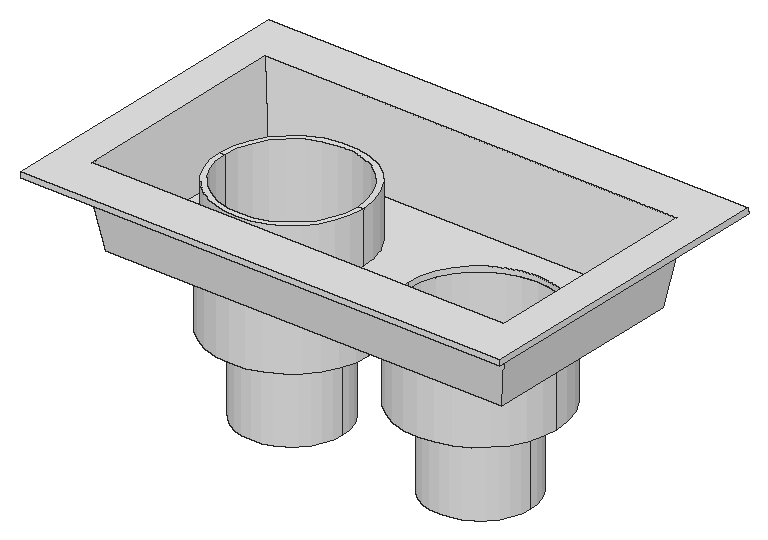
Revit family "Viking Roofspec Sump 07 M17", category Pipe Fittings, host Face, Revit 2021
Family settings
  Host = Face
  Round Connector Dimension = Use Diameter
  Part Type = Cap
  Cut with Voids When Loaded = No
  Shared = No
Parameters (values of type "Sumps IMR400 475x292x70mmd+100mm outlet")
  URL = "www.vikingroofspec.co.nz"
  Type Comments = "Viking Roofspec sump / overflow IMR400, installed as per manufacturers instructions."
  Pipe Diameter = 100 mm
  Overall Height = 220 mm
  Offset Pipe2 = 89.8 mm
  Offset Pipe1 = 86.7 mm
  Model = "IMR400"
  Material = Viking Roofspec - Plastic White
  Manufacturer = "Viking Roofspec"  # constant formula
  Flow Out = 2.5 L/s
  Flange Cut Width = 292 mm
  Flange Cut Length = 450 mm
  Default Elevation = 0 mm
  Component = IMR400 : IMR400
Reference planes
  plane 1 "Center (Front/Back)": y = 0
  plane 2: z = 0
  plane 3 "Center (Left/Right)": x = 0
  plane 4 "Pipe Connector": z = -220
  plane 5: x = -225
  plane 6: x = 225
  plane 7: y = -146
  plane 8: y = 146
Forms (mm)
  Extrusion 1, void
    sketch origin (0, 0, 0) x (1, 0, 0) y (0, 1, 0)
      loop
        circle (0, 0) r 115
    from -4 to 0
  Extrusion 2, void
    sketch origin (0, 0, 0) x (1, 0, 0) y (0, 1, 0)
      loop
        line (-225, 146) -> (-225, -146) -> (225, -146) -> (225, 146) -> (-225, 146)
    from 0 to -5
  Extrusion 3, void
    sketch origin (0, 0, 0) x (1, 0, 0) y (0, 1, 0)
      loop
        line (-200, 121) -> (-200, -121) -> (200, -121) -> (200, 121) -> (-200, 121)
    from 0 to -220
  Extrusion 4, solid, not visible
    sketch origin (0, 0, -220) x (0, -1, 0) y (1, 0, 0)
      loop
        circle (0, -86.7) r 35
    from 0 to 1
  Extrusion 5, solid, not visible
    sketch origin (149.817, 0, -220) x (0, -1, 0) y (1, 0, 0)
      loop
        circle (0, -60.017) r 35
    from 0 to 1
Dimensions and locks
  "Overall Height": host face to plane 4 "Pipe Connector"
  equal spacing: plane 5, plane 3 "Center (Left/Right)", plane 6
  equal spacing: plane 8, plane 1 "Center (Front/Back)", plane 7
  "Flange Cut Length": plane 5 to plane 6
  "Flange Cut Width": plane 8 to plane 7
  locked: plane 8 to Extrusion 3 sketch curve at 25
  locked: Extrusion 3 sketch curve to plane 7 at 25
  locked: plane 5 to Extrusion 3 sketch curve at 25
  locked: Extrusion 3 sketch curve to plane 6 at 25
  "Offset Pipe1": Extrusion 4 sketch curve to nested 1
  "Offset Pipe2": nested 1 to Extrusion 5 sketch curve
  diameter of Extrusion 1 sketch curve = 230 mm
  aligned and locked: plane 2 to host face
  aligned and locked: level to host face
  aligned and locked: Extrusion 2 to plane 5
  aligned and locked: plane 8 to Extrusion 2
  aligned and locked: plane 6 to Extrusion 2
  aligned and locked: Extrusion 2 to plane 7
  aligned and locked: Extrusion 3 to plane 4 "Pipe Connector"
Automatic sketch dimensions
  host sketch curve to host sketch curve = 2438.4 mm  (x2)
  plane 1 "Center (Front/Back)" to Extrusion 1 sketch curve = 0 mm
  Extrusion 1 sketch curve to plane 3 "Center (Left/Right)" = 0 mm
  Extrusion 2 sketch curve to plane 5 = 0 mm
  Extrusion 2 sketch curve to plane 6 = 0 mm
  Extrusion 2 sketch curve to plane 7 = 0 mm
  Extrusion 2 sketch curve to plane 8 = 0 mm
  plane 1 "Center (Front/Back)" to Extrusion 4 sketch curve = 0 mm
  plane 1 "Center (Front/Back)" to Extrusion 5 sketch curve = 0 mm
  radius of Extrusion 4 sketch curve = 35 mm
  radius of Extrusion 5 sketch curve = 35 mm
Nested families
  nested 1: "IMR400" at (0, 0, 0), type <- "Component", Material <- "Material", type "IMR400"
Connectors
  piping at (89.8, 0, -220), diameter 100, driven by "Pipe Diameter", driven by "Flow Out"
    settings: on Extrusion 5, index 4, connector inside diameter 609.6 mm, connector length 0 mm, flow factor 0, pipe flow 2.5 L/s, pressure drop 0.0 Pa, fitting loss kfactor 0, connector angle 0.00°, fixture units 0, engagement length 0 mm, angle of deflection 0.00°, flow configuration 1, flow direction 2, fitting loss method 4, system type 16, joint type 0, gender type 0, connector reference index -1, connector utility 0, adjustable connector no, is connector primary yes, connector description "Sump"
  piping at (-86.7, 0, -220), diameter 100, driven by "Pipe Diameter", driven by "Flow Out"
    settings: on Extrusion 4, index 5, connector inside diameter 609.6 mm, connector length 0 mm, flow factor 0, pipe flow 2.5 L/s, pressure drop 0.0 Pa, fitting loss kfactor 0, connector angle 0.00°, fixture units 0, engagement length 0 mm, angle of deflection 0.00°, flow configuration 1, flow direction 2, fitting loss method 4, system type 16, joint type 0, gender type 0, connector reference index -1, connector utility 0, adjustable connector no, is connector primary no, connector description "Sump Overflow"
Definition of nested family "IMR400"
  Parameters (values of type "IMR400")
    Material [instance] = none
    Default Elevation = 1219.2 mm
  Reference planes
    plane 1 "Center (Front/Back)": y = 0
    plane 2: z = 0
    plane 3 "Center (Left/Right)": x = 0
  Forms (mm)
    Revolve 1, solid, material <- "Material"
      sketch origin (-516.73, 0, 0) x (1, 0, 0) y (0, 0, 1)
        loop
          line (382.502, -144.372) -> (382.502, -220.029) -> (430.002, -220.029) -> (430.002, -75.05) -> (357.504, -75.05) -> (357.504, -144.372) -> (382.502, -144.372)
        axis (430.002, -220.029) -> (430.002, -75.05)
      angle from 0 to 360
    Extrusion 2, solid, material <- "Material"
      sketch origin (0, 0, 0) x (0, 1, 0) y (0, 0, 1)
        loop
          line (-146, 0) -> (-146, -5) -> (-106, -5) -> (-94.473, -75.05) -> (94.473, -75.05) -> (106, -5) -> (146, -5) -> (146, 0) -> (-146, 0)
      from -224.883 to 225.117
    Extrusion 3, void
      sketch origin (0, 0, 0) x (1, 0, 0) y (0, 0, 1)
        loop
          line (-243.545, -5) -> (-243.545, -89.344) -> (-183.503, -89.344) -> (-197.383, -5) -> (-243.545, -5)
      from -198.718 to 250
    Extrusion 4, void
      sketch origin (0, 0, 0) x (-1, 0, 0) y (0, 0, -1)
        loop
          line (-243.545, 5) -> (-197.617, 5) -> (-182.961, 94.063) -> (-243.545, 94.063) -> (-243.545, 5)
      from -198.718 to 250
    Blend 5, void
      base sketch origin (0, 0, 0) x (1, 0, 0) y (0, 1, 0)
        loop
          line (-193.183, 101.8) -> (-193.183, -101.8) -> (193.417, -101.8) -> (193.417, 101.8) -> (-193.183, 101.8)
      top sketch origin (0, 0, 0) x (1, 0, 0) y (0, 1, 0)
        loop
          line (-181.618, 90.235) -> (-181.618, -90.235) -> (181.873, -90.235) -> (181.873, 90.235) -> (-181.618, 90.235)
      from 0 to -70.05
    Extrusion 6, void
      sketch origin (-165.857, 0, 0) x (1, 0, 0) y (0, 1, 0)
        loop
          circle (79.128, 0) r 67.5
      from -70.05 to -139.372
    Revolve 7, solid, material <- "Material"
      sketch origin (-340.158, 0, 0) x (1, 0, 0) y (0, 0, 1)
        loop
          line (382.502, -144.372) -> (382.502, -220.029) -> (430.002, -220.029) -> (430.002, -75.05) -> (357.504, -75.05) -> (357.504, -144.372) -> (382.502, -144.372)
        axis (430.002, -220.029) -> (430.002, -75.05)
      angle from 0 to 360
    Revolve 8, solid, material <- "Material"
      sketch origin (2.339, 0, 0) x (1, 0, 0) y (0, 0, 1)
        loop
          line (-156.567, -22.47) -> (-156.567, -105.878) -> (-151.567, -105.878) -> (-151.567, -22.47) -> (-156.567, -22.47)
        axis (-89.067, -22.47) -> (-89.067, -105.878)
      angle from 0 to 360
    Extrusion 9, void
      sketch origin (10.695, 0, 0) x (1, 0, 0) y (0, 1, 0)
        loop
          circle (79.128, 0) r 67.5
      from -70.05 to -139.372
  Cuts and joins
    Extrusion 6, Extrusion 9 cuts Revolve 1
    Extrusion 3, Extrusion 4, Blend 5, Extrusion 6, Extrusion 9 cuts Extrusion 2
    joined: Revolve 1, Extrusion 2
    Extrusion 9 cuts Revolve 7
  Dimensions and locks
    aligned and locked: level to plane 2
  Nested families
    nested 1: "Viking Roofspec - Sump Detail" at (0, -91.5, 0) x (0, 1, 0) z (1, 0, 0), type "IMR400 475x292x70mm deep"
  Definition of nested family "Viking Roofspec - Sump Detail"
    Parameters (values of type "IMR100 450x300x164mm deep")
      URL = "www.vikingroofspec.co.nz"
      Type Comments = "Viking Roofspec sump IMR100, installed as per manufacturers instructions."
      Model = "IMR100"
      Manufacturer = "Viking Roofspec"  # constant formula
      Component = IMR100 : IMR100
    Types (4, lengths in mm): name | Type Comments | Model | Component
      IMR100 450x300x164mm deep | "Viking Roofspec sump IMR100, installed as per manufacturers instructions." | "IMR100" | IMR100 : IMR100
      IMR120 450x300x200mm deep | "Viking Roofspec sump IMR120, installed as per manufacturers instructions." | "IMR120" | IMR120 : IMR120
      IMR130 580x380x249mm deep | "Viking Roofspec sump IMR130, installed as per manufacturers instructions." | "IMR130" | IMR130 : IMR130
      IMR400 475x292x70mm deep | "Viking Roofspec sump IMR400, installed as per manufacturers instructions." | "IMR400" | IMR400 : IMR400
    Reference planes
      plane 1 "Center (Front/Back)": y = 0
      plane 2: z = 0
      plane 3 "Center (Left/Right)": x = 0
    Nested families
      nested 1: "IMR100" at (0, 0, 0), type <- "Component", type "IMR100", in view "Ref. Level"
      nested 2: "IMR100" at (0, 0, 0), type <- "Component", type "IMR100", in view "Ref. Level"
      nested 3: "IMR100" at (0, 0, 0), type <- "Component", type "IMR100", in view "Ref. Level"
      nested 4: "IMR100" at (0, 0, 0), type <- "Component", type "IMR100", in view "Ref. Level"
    Definition of nested family "IMR100"
      Parameters (values of type "IMR100")
        URL = "www.vikingroofspec.co.nz"
        Type Comments = "Viking Roofspec aluminium termination flashing IMT708 and pressure bar IMT709, installed as per manufacturers instructions."
        Model = "IMT708/709"
        Manufacturer = "Viking Roofspec"  # constant formula
      Reference planes
        plane 1 "Center (Front/Back)": y = 0
        plane 2: z = 0
        plane 3 "Center (Left/Right)": x = 0
      Lines and regions (mm)
        Filled region 1, type "Plastic", in view "Ref. Level"
          outline origin (-880.6, -806.918, 0) x (1, 0, 0) y (0, 1, 0)
            loop
              arc (699.573, 647.729) -> (701.179, 644.486) -> (704.553, 643.177) r 5
              line (704.553, 643.177) -> (762.351, 643.177) -> (762.351, 582.001)
              arc (762.351, 582.001) -> (763.815, 578.465) -> (767.351, 577.001) r 5
              line (767.351, 577.001) -> (774.748, 577.001) -> (774.748, 510.001) -> (779.748, 510.001) -> (779.748, 582.001) -> (767.351, 582.001) -> (767.351, 648.177) -> (704.553, 648.177) -> (690.288, 806.918) -> (655.717, 806.918) -> (655.717, 801.918) -> (685.717, 801.918) -> (699.573, 647.729)
            loop
              line (1105.717, 801.918) -> (1105.717, 806.918) -> (1070.913, 806.918) -> (1064.569, 648.177) -> (1002.107, 648.177) -> (1002.107, 582.001) -> (989.71, 582.001) -> (989.71, 510.001) -> (994.71, 510.001) -> (994.71, 577.001) -> (1002.107, 577.001)
              arc (1002.107, 577.001) -> (1005.642, 578.465) -> (1007.107, 582.001) r 5
              line (1007.107, 582.001) -> (1007.107, 643.177) -> (1064.575, 643.177)
              arc (1064.575, 643.177) -> (1067.949, 644.486) -> (1069.555, 647.729) r 5
              line (1069.555, 647.729) -> (1075.717, 801.918) -> (1105.717, 801.918)
            loop
              line (924.748, 510.001) -> (929.748, 510.001) -> (929.748, 582.001) -> (917.351, 582.001) -> (917.351, 648.177) -> (852.107, 648.177) -> (852.107, 582.001) -> (839.71, 582.001) -> (839.71, 510.001) -> (844.71, 510.001) -> (844.71, 577.001) -> (852.107, 577.001)
              arc (852.107, 577.001) -> (855.642, 578.465) -> (857.107, 582.001) r 5
              line (857.107, 582.001) -> (857.107, 643.177) -> (912.351, 643.177) -> (912.351, 582.001)
              arc (912.351, 582.001) -> (913.815, 578.465) -> (917.351, 577.001) r 5
              line (917.351, 577.001) -> (924.748, 577.001) -> (924.748, 510.001)
        Filled region 2, type "Plastic", in view "Ref. Level"
          outline origin (-880.6, -806.918, 0) x (1, 0, 0) y (0, 1, 0)
            loop
              line (767.351, 621.969) -> (772.351, 621.969) -> (772.351, 775.682) -> (767.351, 775.682) -> (767.351, 621.969)
            loop
              line (852.107, 775.682) -> (847.107, 775.682) -> (847.107, 621.969) -> (852.107, 621.969) -> (852.107, 775.682)
        Masking region 1, in view "Ref. Level"
          outline origin (-880.6, -806.918, 0) x (1, 0, 0) y (0, 1, 0)
            loop
              line (690.288, 806.918) -> (704.553, 648.177) -> (767.351, 648.177) -> (767.351, 582.001) -> (779.748, 582.001) -> (779.748, 510.001) -> (839.71, 510.001) -> (839.71, 582.001) -> (852.107, 582.001) -> (852.107, 648.177) -> (917.351, 648.177) -> (917.351, 582.001) -> (929.748, 582.001) -> (929.748, 510.001) -> (989.71, 510.001) -> (989.71, 582.001) -> (1002.107, 582.001) -> (1002.107, 648.177) -> (1064.569, 648.177) -> (1070.913, 806.918) -> (690.288, 806.918)
        detail lines, in view "Ref. Level"
          curve 1: line (-108.25, -31.235, 0) -> (-33.494, -31.235, 0)
          curve 2: line (-33.494, -184.949, 0) -> (-108.25, -184.949, 0)
          curve 3: line (-100.853, -224.917, 0) -> (-40.971, -224.917, 0)
          curve 4: line (49.147, -224.917, 0) -> (109.109, -224.917, 0)
          curve 5: line (36.751, -158.741, 0) -> (121.506, -158.741, 0)
